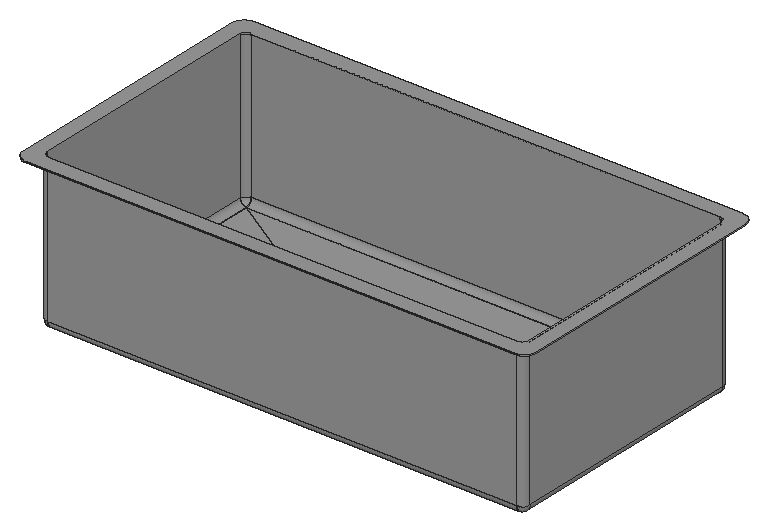
Revit family "BUILDMAT-SNGD007-Marissa-810-Brass-Gold", category Plumbing Fixtures, host Face, Revit 2020
Family settings
  Host = Face
  Round Connector Dimension = Use Diameter
  Part Type = Normal
  Cut with Voids When Loaded = No
  Shared = No
  Room Calculation Point = No
Parameters (values of type "Marissa 810x450x250mm")
  Width = 760.0 mm
  Undermount [instance] = 0.0 mm
  URL = "https://www.buildmat.com.au/products/810x450x230-single-bowl-sink"
  Side Sound Pad = yes
  Side Brackets = yes
  Model = "SNA01007"  # constant formula
  Middle Sound Pad = no
  Middle Bracket = yes
  Manufacturer URL = "https://www.buildmat.com.au/"
  Manufacturer = "BUILDMAT"  # constant formula
  Length = 400.0 mm
  Description = "BUILDMAT - Marissa 810x450 XLarge Single Bowl Sink"  # constant formula
  Depth = 250.0 mm
  Default Elevation = 1219.2 mm
  Created By URL = "https://www.buildmat.com.au/"
  Created By = "BUILDMAT"  # constant formula
  Created = "22.06.2022"  # constant formula
  Material = BUILDMAT Brass Gold
Reference planes
  plane 1 "Center (Front/Back)": y = 0
  plane 2: z = 0
  plane 3 "Center (Left/Right)": x = 0
  plane 4 "Top Substrate": z = 0
  plane 5 "Left": x = -380
  plane 6 "Right": x = 380
  plane 7 "Back": y = 200
  plane 8 "Front": y = -200
  plane 9: x = -405
  plane 10: x = 405
  plane 11: y = -225
  plane 12: y = 225
  plane 13 "Bottom Void": z = -250
  plane 14: z = 1.5
  plane 15: x = -381.5
  plane 16: y = -201.5
  plane 17: x = 381.5
  plane 18: y = 201.5
  plane 19: z = -240
  plane 20: z = -230
  plane 21: x = -370
  plane 22: x = 370
  plane 23: y = -190
  plane 24: y = 190
  plane 25: z = -245
  plane 26: z = -241.5
  plane 27: z = -246.5
  plane 28: x = -100
  plane 29: x = 100
  plane 30 "Sound Pad": z = -130
  plane 31 "Front Bracket": y = -100
  plane 32 "Back Bracket": y = 100
  plane 33: x = -280
  plane 34: x = 280
  plane 35: x = -57
  plane 36: x = 57
  plane 37: x = -45
  plane 38: x = 45
Forms (mm)
  Extrusion 1, void
    sketch origin (0, 0, 0) x (1, 0, 0) y (0, 1, 0)
      loop
        arc (-370, 200) -> (-377.071, 197.071) -> (-380, 190) r 10
        line (-380, 190) -> (-380, -190)
        arc (-380, -190) -> (-377.071, -197.071) -> (-370, -200) r 10
        line (-370, -200) -> (370, -200)
        arc (370, -200) -> (377.071, -197.071) -> (380, -190) r 10
        line (380, -190) -> (380, 190)
        arc (380, 190) -> (377.071, 197.071) -> (370, 200) r 10
        line (370, 200) -> (-370, 200)
    from 0 to 1.5
  Extrusion 2, void
    sketch origin (0, 0, 0) x (1, 0, 0) y (0, 1, 0)
      loop
        line (-381.5, 201.5) -> (-381.5, -201.5) -> (381.5, -201.5) -> (381.5, 201.5) -> (-381.5, 201.5)
    from 0 to -250
  Extrusion 3, void
    sketch origin (0, 0, 0) x (1, 0, 0) y (0, 1, 0)
      loop
        arc (-385, 225) -> (-399.142, 219.142) -> (-405, 205) r 20
        line (-405, 205) -> (-405, -205)
        arc (-405, -205) -> (-399.142, -219.142) -> (-385, -225) r 20
        line (-385, -225) -> (385, -225)
        arc (385, -225) -> (399.142, -219.142) -> (405, -205) r 20
        line (405, -205) -> (405, 205)
        arc (405, 205) -> (399.142, 219.142) -> (385, 225) r 20
        line (385, 225) -> (-385, 225)
    from 1.5 to 0
  Extrusion 4, solid, material "BUILDMAT Brass Gold" <- "Material"
    sketch origin (0, 0, 0) x (-1, 0, 0) y (0, -1, 0)
      loop
        arc (385, -225) -> (399.142, -219.142) -> (405, -205) r 20
        line (405, -205) -> (405, 205)
        arc (405, 205) -> (399.142, 219.142) -> (385, 225) r 20
        line (385, 225) -> (-385, 225)
        arc (-385, 225) -> (-399.142, 219.142) -> (-405, 205) r 20
        line (-405, 205) -> (-405, -205)
        arc (-405, -205) -> (-399.142, -219.142) -> (-385, -225) r 20
        line (-385, -225) -> (385, -225)
      loop
        arc (370, -200) -> (377.071, -197.071) -> (380, -190) r 10
        line (380, -190) -> (380, 190)
        arc (380, 190) -> (377.071, 197.071) -> (370, 200) r 10
        line (370, 200) -> (-370, 200)
        arc (-370, 200) -> (-377.071, 197.071) -> (-380, 190) r 10
        line (-380, 190) -> (-380, -190)
        arc (-380, -190) -> (-377.071, -197.071) -> (-370, -200) r 10
        line (-370, -200) -> (370, -200)
    from 0 to 1.5
  Extrusion 5, solid, material "BUILDMAT Brass Gold" <- "Material"
    sketch origin (0, 0, 0) x (-1, 0, 0) y (0, -1, 0)
      loop
        arc (370, -201.5) -> (378.132, -198.132) -> (381.5, -190) r 11.5
        line (381.5, -190) -> (381.5, 190)
        arc (381.5, 190) -> (378.132, 198.132) -> (370, 201.5) r 11.5
        line (370, 201.5) -> (-370, 201.5)
        arc (-370, 201.5) -> (-378.132, 198.132) -> (-381.5, 190) r 11.5
        line (-381.5, 190) -> (-381.5, -190)
        arc (-381.5, -190) -> (-378.132, -198.132) -> (-370, -201.5) r 11.5
        line (-370, -201.5) -> (370, -201.5)
      loop
        arc (-370, 200) -> (-377.071, 197.071) -> (-380, 190) r 10
        line (-380, 190) -> (-380, -190)
        arc (-380, -190) -> (-377.071, -197.071) -> (-370, -200) r 10
        line (-370, -200) -> (370, -200)
        arc (370, -200) -> (377.071, -197.071) -> (380, -190) r 10
        line (380, -190) -> (380, 190)
        arc (380, 190) -> (377.071, 197.071) -> (370, 200) r 10
        line (370, 200) -> (-370, 200)
    from 0 to -230
  Revolve 6, solid, material "BUILDMAT Brass Gold" <- "Material"
    sketch origin (-175.162, 190, 1219.2) x (-1, 0, 0) y (0, 0, 1)
      loop
        line (-555.162, -1449.2) -> (-556.662, -1449.2)
        arc (-556.662, -1449.2) -> (-553.293, -1457.332) -> (-545.162, -1460.7) r 11.5
        line (-545.162, -1460.7) -> (-545.162, -1459.2)
        arc (-545.162, -1459.2) -> (-552.233, -1456.271) -> (-555.162, -1449.2) r 10
      axis (-545.162, -1460.7) -> (-545.162, -1449.2)
    angle from 0 to -90
  Revolve 7, solid, material "BUILDMAT Brass Gold" <- "Material"
    sketch origin (-175.162, 190, 1219.2) x (-1, 0, 0) y (0, 0, 1)
      loop
        arc (204.838, -1449.2) -> (201.909, -1456.271) -> (194.838, -1459.2) r 10
        line (194.838, -1459.2) -> (194.838, -1460.7)
        arc (194.838, -1460.7) -> (202.97, -1457.332) -> (206.338, -1449.2) r 11.5
        line (206.338, -1449.2) -> (204.838, -1449.2)
      axis (194.838, -1449.2) -> (194.838, -1460.7)
    angle from 0 to -90
  Revolve 8, solid, material "BUILDMAT Brass Gold" <- "Material"
    sketch origin (-175.162, -190, 1219.2) x (-1, 0, 0) y (0, 0, 1)
      loop
        arc (204.838, -1449.2) -> (201.909, -1456.271) -> (194.838, -1459.2) r 10
        line (194.838, -1459.2) -> (194.838, -1460.7)
        arc (194.838, -1460.7) -> (202.97, -1457.332) -> (206.338, -1449.2) r 11.5
        line (206.338, -1449.2) -> (204.838, -1449.2)
      axis (194.838, -1449.2) -> (194.838, -1460.7)
    angle from 0 to 90
  Revolve 9, solid, material "BUILDMAT Brass Gold" <- "Material"
    sketch origin (-175.162, -190, 1219.2) x (-1, 0, 0) y (0, 0, 1)
      loop
        line (-555.162, -1449.2) -> (-556.662, -1449.2)
        arc (-556.662, -1449.2) -> (-553.293, -1457.332) -> (-545.162, -1460.7) r 11.5
        line (-545.162, -1460.7) -> (-545.162, -1459.2)
        arc (-545.162, -1459.2) -> (-552.233, -1456.271) -> (-555.162, -1449.2) r 10
      axis (-545.162, -1449.2) -> (-545.162, -1460.7)
    angle from 0 to 90
  Extrusion 10, solid, material "BUILDMAT Brass Gold" <- "Material"
    sketch origin (0, 0, 0) x (1, 0, 0) y (0, 0, 1)
      loop
        line (-380, -230) -> (-381.5, -230)
        arc (-381.5, -230) -> (-378.132, -238.132) -> (-370, -241.5) r 11.5
        line (-370, -241.5) -> (-370, -240)
        arc (-370, -240) -> (-377.071, -237.071) -> (-380, -230) r 10
    from -190 to 190
  Extrusion 11, solid, material "BUILDMAT Brass Gold" <- "Material"
    sketch origin (0, 0, 0) x (1, 0, 0) y (0, 0, 1)
      loop
        arc (380, -230) -> (377.071, -237.071) -> (370, -240) r 10
        line (370, -240) -> (370, -241.5)
        arc (370, -241.5) -> (378.132, -238.132) -> (381.5, -230) r 11.5
        line (381.5, -230) -> (380, -230)
    from -190 to 190
  Extrusion 12, solid, material "BUILDMAT Brass Gold" <- "Material"
    sketch origin (0, 0, 0) x (0, 1, 0) y (0, 0, 1)
      loop
        arc (200, -230) -> (197.071, -237.071) -> (190, -240) r 10
        line (190, -240) -> (190, -241.5)
        arc (190, -241.5) -> (198.132, -238.132) -> (201.5, -230) r 11.5
        line (201.5, -230) -> (200, -230)
    from -370 to 370
  Extrusion 13, solid, material "BUILDMAT Brass Gold" <- "Material"
    sketch origin (0, 0, 0) x (0, 1, 0) y (0, 0, 1)
      loop
        line (-200, -230) -> (-201.5, -230)
        arc (-201.5, -230) -> (-198.132, -238.132) -> (-190, -241.5) r 11.5
        line (-190, -241.5) -> (-190, -240)
        arc (-190, -240) -> (-197.071, -237.071) -> (-200, -230) r 10
    from -370 to 370
  Revolve 14, solid, material "BUILDMAT Brass Gold" <- "Material"
    sketch origin (0, 0, 0) x (1, 0, 0) y (0, 0, 1)
      loop
        line (-45, -250) -> (-45, -248.5)
        spline (-45, -248.5) -> (-46.484, -248.459) -> (-47.939, -248.339) -> (-49.337, -248.141) -> (-50.649, -247.871) -> (-51.848, -247.537) -> (-52.908, -247.151) -> (-53.805, -246.726) -> (-54.514, -246.283) -> (-55.023, -245.856) -> (-55.329, -245.483) -> (-55.468, -245.202) -> (-55.5, -245)
        line (-55.5, -245) -> (-57, -245)
        spline (-57, -245) -> (-56.897, -245.653) -> (-56.591, -246.294) -> (-56.087, -246.913) -> (-55.392, -247.5) -> (-54.52, -248.044) -> (-53.485, -248.536) -> (-52.305, -248.967) -> (-51, -249.33) -> (-49.592, -249.619) -> (-48.106, -249.83) -> (-46.566, -249.957) -> (-45, -250)
      axis (0, -245) -> (0, -250)
    angle from 0 to 360
  Blend 15, solid, material "BUILDMAT Brass Gold" <- "Material"
    base sketch origin (0, 0, 0) x (-1, 0, 0) y (0, -1, 0)
      loop
        circle (0, 0) r 57
    top sketch origin (0, 0, 0) x (-1, 0, 0) y (0, -1, 0)
      loop
        line (370, -190) -> (370, 190) -> (-370, 190) -> (-370, -190) -> (370, -190)
    from -246.5 to -241.5
  Blend 16, void
    base sketch origin (0, 0, 0) x (-1, 0, 0) y (0, -1, 0)
      loop
        circle (0, 0) r 57
    top sketch origin (0, 0, 0) x (-1, 0, 0) y (0, -1, 0)
      loop
        line (370, -190) -> (370, 190) -> (-370, 190) -> (-370, -190) -> (370, -190)
    from -245 to -240
  Extrusion 17, solid, material "BUILDMAT Brass Gold" <- "Material"
    sketch origin (0, 0, 0) x (-1, 0, 0) y (0, -1, 0)
      loop
        line (370, -190) -> (370, 190) -> (-370, 190) -> (-370, -190) -> (370, -190)
    from -241.5 to -240
  Extrusion 18, void
    sketch origin (0, 0, 0) x (-1, 0, 0) y (0, -1, 0)
      loop
        circle (0, 0) r 57
    from -250 to -230
Cuts and joins
  joined: Extrusion 4, Extrusion 5
  joined: Revolve 6, Revolve 9
  joined: Revolve 7, Revolve 8
  Blend 16, Extrusion 18 cuts Blend 15
  Blend 16, Extrusion 18 cuts Extrusion 17
  joined: Blend 15, Extrusion 17
Lines and regions (mm)
  Masking region 1
    outline origin (0, 0, 0) x (1, 0, 0) y (0, 0, 1)
      loop
        line (380, 0) -> (-380, 0) -> (-380, -230)
        arc (-380, -230) -> (-377.071, -237.071) -> (-370, -240) r 10
        line (-370, -240) -> (-57, -245) -> (57, -245) -> (370, -240)
        arc (370, -240) -> (377.071, -237.071) -> (380, -230) r 10
        line (380, -230) -> (380, 0)
  Masking region 2
    outline origin (0, 0, 0) x (1, 0, 0) y (0, 0, 1)
      loop
        line (-100, -245.813) -> (-100, -250) -> (-57, -250) -> (-57, -246.5) -> (-100, -245.813)
  Masking region 3
    outline origin (0, 0, 0) x (1, 0, 0) y (0, 0, 1)
      loop
        line (57, -246.5) -> (57, -250) -> (100, -250) -> (100, -245.813) -> (57, -246.5)
Text (mm)
  text "Refer to www.buildmat.com.au for the most current product literature. \nAllow a +/- 5mm tolerance for dimensions shown in the product literature. \nPlease note product details are subject to change due to ongoing product development." at (0.056, -1035.857, 0), in view "Ref. Level"
Dimensions and locks
  "Undermount": plane 2 to plane 4 "Top Substrate"
  equal spacing: plane 5 "Left", plane 3 "Center (Left/Right)", plane 6 "Right"
  "Width": plane 5 "Left" to plane 6 "Right"
  "Length": plane 7 "Back" to plane 8 "Front"
  equal spacing: plane 7 "Back", plane 1 "Center (Front/Back)", plane 8 "Front"
  locked: plane 12 to plane 7 "Back" at 25
  locked: plane 8 "Front" to plane 11 at 25
  locked: plane 9 to plane 5 "Left" at 25
  locked: plane 6 "Right" to plane 10 at 25
  "Depth": plane 4 "Top Substrate" to plane 13 "Bottom Void"
  locked: plane 14 to plane 4 "Top Substrate" at 1.5
  locked: plane 18 to plane 7 "Back" at 1.5
  locked: plane 8 "Front" to plane 16 at 1.5
  plane 15 to plane 5 "Left" = 1.5 mm
  plane 6 "Right" to plane 17 = 1.5 mm
  plane 20 to plane 19 to plane 13 "Bottom Void" = 10.0 mm, 10.0 mm
  locked: plane 5 "Left" to plane 21 at 10
  locked: plane 22 to plane 6 "Right" at 10
  locked: plane 7 "Back" to plane 24 at 10
  locked: plane 23 to plane 8 "Front" at 10
  locked: plane 19 to plane 26 at 1.5
  locked: plane 25 to plane 13 "Bottom Void" at 5
  locked: plane 25 to plane 27 at 1.5
  plane 29 to plane 3 "Center (Left/Right)" to plane 28 = 100.0 mm locked, 100.0 mm locked
  locked: plane 30 "Sound Pad" to plane 13 "Bottom Void" at 120
  locked: plane 7 "Back" to plane 32 "Back Bracket" at 100
  locked: plane 31 "Front Bracket" to plane 8 "Front" at 100
  locked: plane 33 to plane 5 "Left" at 100
  locked: plane 6 "Right" to plane 34 at 100
  equal spacing: plane 3 "Center (Left/Right)", nested 15, plane 33
  equal spacing: plane 34, nested 16, plane 3 "Center (Left/Right)"
  plane 37 to plane 3 "Center (Left/Right)" to plane 38 = 45.0 mm locked, 45.0 mm locked
  plane 35 to plane 3 "Center (Left/Right)" to plane 36 = 57.0 mm locked, 57.0 mm locked
  aligned and locked: plane 2 to host face
  aligned and locked: level to host face
  aligned and locked: plane 8 "Front" to Extrusion 1 sketch curve
  aligned and locked: Extrusion 1 sketch curve to plane 7 "Back"
  aligned and locked: plane 5 "Left" to Extrusion 1 sketch curve
  aligned and locked: Extrusion 1 sketch curve to plane 6 "Right"
  aligned and locked: plane 2 to Extrusion 1
  aligned and locked: plane 14 to Extrusion 1
  aligned and locked: Extrusion 2 sketch curve to plane 16
  aligned and locked: Extrusion 2 sketch curve to plane 18
  aligned and locked: plane 15 to Extrusion 2 sketch curve
  aligned and locked: plane 17 to Extrusion 2 sketch curve
  aligned and locked: Extrusion 2 to plane 13 "Bottom Void"
  aligned and locked: plane 4 "Top Substrate" to Extrusion 2
  aligned and locked: Extrusion 3 sketch curve to plane 11
  aligned and locked: plane 9 to Extrusion 3 sketch curve
  aligned and locked: Extrusion 3 sketch curve to plane 10
  aligned and locked: Extrusion 3 sketch curve to plane 12
  aligned and locked: Extrusion 3 to plane 4 "Top Substrate"
  aligned and locked: Extrusion 3 to plane 14
  aligned and locked: Extrusion 4 sketch curve to plane 11
  aligned and locked: Extrusion 4 sketch curve to plane 12
  aligned and locked: plane 9 to Extrusion 4 sketch curve
  aligned and locked: Extrusion 4 sketch curve to plane 10
  aligned and locked: plane 5 "Left" to Extrusion 4 sketch curve
  aligned and locked: Extrusion 4 sketch curve to plane 6 "Right"
  aligned and locked: Extrusion 4 sketch curve to plane 7 "Back"
  aligned and locked: plane 8 "Front" to Extrusion 4 sketch curve
  aligned and locked: Extrusion 5 sketch curve to plane 7 "Back"
  aligned and locked: plane 5 "Left" to Extrusion 5 sketch curve
  aligned and locked: Extrusion 5 sketch curve to plane 6 "Right"
  aligned and locked: plane 8 "Front" to Extrusion 5 sketch curve
  aligned and locked: plane 15 to Extrusion 5 sketch curve
  aligned and locked: Extrusion 5 sketch curve to plane 16
  aligned and locked: plane 17 to Extrusion 5 sketch curve
  aligned and locked: Extrusion 5 sketch curve to plane 18
  aligned and locked: Extrusion 5 to plane 20
  aligned and locked: plane 4 "Top Substrate" to Extrusion 5
  aligned and locked: Extrusion 11 to plane 23
  aligned and locked: plane 24 to Extrusion 11
  aligned and locked: plane 24 to Extrusion 10
  aligned and locked: Extrusion 10 to plane 23
  aligned and locked: Extrusion 13 to plane 21
  aligned and locked: plane 22 to Extrusion 13
  aligned and locked: plane 22 to Extrusion 12
  aligned and locked: Extrusion 12 to plane 21
  aligned and locked: plane 21 to Blend 15 sketch curve
  aligned and locked: Blend 15 sketch curve to plane 22
  aligned and locked: Blend 15 sketch curve to plane 23
  aligned and locked: Blend 15 sketch curve to plane 24
  aligned and locked: plane 27 to Blend 15
  aligned and locked: Blend 15 to plane 26
  aligned and locked: Blend 16 sketch curve to plane 24
  aligned and locked: plane 21 to Blend 16 sketch curve
  aligned and locked: Blend 16 sketch curve to plane 22
  aligned and locked: Blend 16 sketch curve to plane 23
  aligned and locked: Blend 16 to plane 25
  aligned and locked: Blend 16 to plane 19
  aligned and locked: Extrusion 17 sketch curve to plane 24
  aligned and locked: Extrusion 17 sketch curve to plane 23
  aligned and locked: plane 21 to Extrusion 17 sketch curve
  aligned and locked: Extrusion 17 sketch curve to plane 22
  aligned and locked: Extrusion 17 to plane 26
  aligned and locked: Extrusion 17 to plane 19
  aligned and locked: Extrusion 18 to plane 13 "Bottom Void"
  aligned and locked: plane 20 to Extrusion 18
  aligned and locked: cut or joined group of Blend 15, Blend 16, Extrusion 17, Extrusion 18 to Masking region 2 sketch curve
  aligned and locked: Masking region 3 sketch curve to cut or joined group of Blend 15, Blend 16, Extrusion 17, Extrusion 18
  aligned and locked: plane 3 "Center (Left/Right)" to nested 1
  aligned and locked: nested 1 to plane 4 "Top Substrate"
  aligned and locked: plane 3 "Center (Left/Right)" to nested 2
  aligned and locked: nested 2 to plane 30 "Sound Pad"
  aligned and locked: nested 3 to plane 18
  aligned and locked: plane 3 "Center (Left/Right)" to nested 3
  aligned and locked: plane 16 to nested 4
  aligned and locked: nested 4 to plane 3 "Center (Left/Right)"
  aligned and locked: plane 31 "Front Bracket" to nested 6
  aligned and locked: plane 15 to nested 6
  aligned and locked: plane 31 "Front Bracket" to nested 8
  aligned and locked: plane 17 to nested 8
  aligned and locked: plane 32 "Back Bracket" to nested 7
  aligned and locked: plane 17 to nested 7
  aligned and locked: plane 32 "Back Bracket" to nested 5
  aligned and locked: plane 15 to nested 5
  aligned and locked: nested 9 to plane 4 "Top Substrate"
  aligned and locked: nested 9 to plane 33
  aligned and locked: nested 10 to plane 4 "Top Substrate"
  aligned and locked: nested 10 to plane 34
  aligned and locked: nested 13 to plane 33
  aligned and locked: nested 14 to plane 34
  aligned and locked: plane 16 to nested 13
  aligned and locked: nested 14 to plane 16
  aligned and locked: plane 33 to nested 11
  aligned and locked: nested 11 to plane 18
  aligned and locked: plane 34 to nested 12
  aligned and locked: plane 18 to nested 12
  aligned and locked: nested 15 to plane 30 "Sound Pad"
  aligned and locked: nested 16 to plane 30 "Sound Pad"
  aligned and locked: nested 17 to plane 23
  aligned and locked: nested 17 to plane 24
  aligned and locked: plane 22 to nested 17
  aligned and locked: plane 21 to nested 17
  aligned and locked: plane 3 "Center (Left/Right)" to nested 18
  aligned and locked: plane 1 "Center (Front/Back)" to nested 18
  aligned and locked: plane 4 "Top Substrate" to Masking region 1
Automatic sketch dimensions
  host sketch curve to host sketch curve = 2438.4 mm  (x2)
  plane 5 "Left" to Extrusion 1 sketch curve = 10.0 mm  (x2)
  Extrusion 1 sketch curve to plane 6 "Right" = 10.0 mm  (x2)
  Extrusion 4 sketch curve to plane 10 = 20.0 mm  (x2)
  Extrusion 4 sketch curve to Extrusion 4 sketch curve = 10.0 mm  (x2)
  plane 5 "Left" to Extrusion 4 sketch curve = 10.0 mm
  plane 9 to Extrusion 4 sketch curve = 20.0 mm
  plane 8 "Front" to Extrusion 4 sketch curve = 10.0 mm
  plane 11 to Extrusion 4 sketch curve = 20.0 mm
  Extrusion 3 sketch curve to plane 5 "Left" = 5.0 mm
  plane 6 "Right" to Extrusion 3 sketch curve = 5.0 mm  (x2)
  plane 7 "Back" to Extrusion 3 sketch curve = 5.0 mm
  plane 5 "Left" to Extrusion 5 sketch curve = 10.0 mm
  Extrusion 5 sketch curve to plane 6 "Right" = 10.0 mm
  plane 8 "Front" to Extrusion 5 sketch curve = 10.0 mm
  Extrusion 5 sketch curve to plane 7 "Back" = 10.0 mm
  Extrusion 5 sketch curve to Extrusion 5 sketch curve = 0.0 mm  (x4)
  Revolve 6 sketch curve to Revolve 6 sketch curve = 0.0 mm  (x3)
  plane 17 to Revolve 6 sketch curve = 0.0 mm
  Revolve 6 sketch curve to plane 6 "Right" = 0.0 mm
  Revolve 6 sketch curve to plane 22 = 0.0 mm  (x2)
  Revolve 6 sketch curve to plane 19 = 0.0 mm
  Revolve 6 sketch curve to plane 20 = 0.0 mm
  Revolve 7 sketch curve to Revolve 7 sketch curve = 0.0 mm  (x3)
  Revolve 7 sketch curve to plane 20 = 0.0 mm  (x2)
  Revolve 7 sketch curve to plane 21 = 0.0 mm  (x2)
  Revolve 7 sketch curve to plane 5 "Left" = 0.0 mm
  Revolve 7 sketch curve to plane 15 = 0.0 mm
  Revolve 8 sketch curve to Revolve 8 sketch curve = 0.0 mm  (x3)
  Revolve 8 sketch curve to plane 20 = 0.0 mm  (x2)
  Revolve 8 sketch curve to plane 21 = 0.0 mm  (x2)
  Revolve 8 sketch curve to plane 5 "Left" = 0.0 mm
  Revolve 8 sketch curve to plane 15 = 0.0 mm
  Revolve 9 sketch curve to Revolve 9 sketch curve = 0.0 mm  (x3)
  plane 17 to Revolve 9 sketch curve = 0.0 mm
  Revolve 9 sketch curve to plane 6 "Right" = 0.0 mm
  Revolve 9 sketch curve to plane 22 = 0.0 mm  (x2)
  Revolve 9 sketch curve to plane 20 = 0.0 mm
  Revolve 9 sketch curve to plane 19 = 0.0 mm
  Extrusion 10 sketch curve to plane 15 = 0.0 mm
  Extrusion 10 sketch curve to plane 5 "Left" = 0.0 mm
  Extrusion 10 sketch curve to plane 19 = 0.0 mm
  Extrusion 10 sketch curve to plane 21 = 0.0 mm
  Extrusion 11 sketch curve to plane 20 = 0.0 mm
  Extrusion 11 sketch curve to plane 22 = 0.0 mm
  Extrusion 11 sketch curve to plane 6 "Right" = 0.0 mm
  plane 17 to Extrusion 11 sketch curve = 0.0 mm
  Extrusion 12 sketch curve to plane 20 = 0.0 mm
  Extrusion 12 sketch curve to plane 24 = 0.0 mm
  Extrusion 12 sketch curve to plane 7 "Back" = 0.0 mm
  Extrusion 12 sketch curve to plane 18 = 0.0 mm
  Extrusion 13 sketch curve to plane 16 = 0.0 mm
  Extrusion 13 sketch curve to plane 8 "Front" = 0.0 mm
  Extrusion 13 sketch curve to plane 23 = 0.0 mm
  Extrusion 13 sketch curve to plane 19 = 0.0 mm
  Revolve 14 sketch curve to plane 25 = 0.0 mm
  Revolve 14 sketch curve to plane 13 "Bottom Void" = 0.0 mm  (x2)
  Revolve 14 sketch curve to plane 3 "Center (Left/Right)" = 0.0 mm
  Revolve 14 sketch curve to plane 20 = 0.0 mm
  Revolve 14 sketch curve to plane 3 "Center (Left/Right)" = 45.0 mm
  Revolve 14 sketch curve to Revolve 14 sketch curve = 10.5 mm
  Revolve 14 sketch curve to Revolve 14 sketch curve = 1.5 mm  (x2)
  Revolve 14 sketch curve to Revolve 14 sketch curve = 0.0 mm
  plane 1 "Center (Front/Back)" to Blend 15 sketch curve = 0.0 mm
  Blend 15 sketch curve to plane 3 "Center (Left/Right)" = 0.0 mm
  plane 1 "Center (Front/Back)" to Blend 16 sketch curve = 0.0 mm
  Blend 16 sketch curve to plane 3 "Center (Left/Right)" = 0.0 mm
  plane 1 "Center (Front/Back)" to Extrusion 18 sketch curve = 0.0 mm
  Extrusion 18 sketch curve to plane 3 "Center (Left/Right)" = 0.0 mm
  Masking region 1 sketch curve to level = 0.0 mm
  Masking region 1 sketch curve to plane 20 = 0.0 mm
  Masking region 1 sketch curve to plane 21 = 0.0 mm
  Masking region 1 sketch curve to plane 25 = 0.0 mm
  Masking region 1 sketch curve to plane 3 "Center (Left/Right)" = 57.0 mm
  plane 3 "Center (Left/Right)" to Masking region 1 sketch curve = 57.0 mm
  Masking region 1 sketch curve to plane 19 = 0.0 mm
  Masking region 1 sketch curve to plane 22 = 0.0 mm
  Masking region 1 sketch curve to plane 6 "Right" = 0.0 mm
  Masking region 1 sketch curve to plane 5 "Left" = 0.0 mm
  Masking region 2 sketch curve to plane 28 = 0.0 mm
  Masking region 2 sketch curve to plane 13 "Bottom Void" = 0.0 mm
  Masking region 2 sketch curve to plane 27 = 0.0 mm
  Masking region 3 sketch curve to plane 27 = 0.0 mm
  Masking region 3 sketch curve to plane 13 "Bottom Void" = 0.0 mm
  Masking region 3 sketch curve to plane 29 = 0.0 mm
  radius of Blend 15 sketch curve = 57.0 mm
  radius of Blend 16 sketch curve = 57.0 mm
  radius of Extrusion 18 sketch curve = 57.0 mm
Nested families
  nested 1: "TMB_Front" at (0, 0, 0) x (1, 0, 0) z (0, -1, 0), visible <- "Middle Bracket", type "TMB_Front"
  nested 2: "SP_Front" at (0, 0, -130) x (1, 0, 0) z (0, -1, 0), visible <- "Middle Sound Pad", type "SP_Front"
  nested 3: "TMB_Plan" at (0, 201.5, 0), visible <- "Middle Bracket", type "TMB_Plan"
  nested 4: "TMB_Plan" at (0, -201.5, 0) x (-1, 0, 0) z (0, 0, 1), visible <- "Middle Bracket", type "TMB_Plan"
  nested 5: "TMB_Plan" at (-381.5, 100, 0) x (0, 1, 0) z (0, 0, 1), type "TMB_Plan"
  nested 6: "TMB_Plan" at (-381.5, -100, 0) x (0, 1, 0) z (0, 0, 1), type "TMB_Plan"
  nested 7: "TMB_Plan" at (381.5, 100, 0) x (0, -1, 0) z (0, 0, 1), type "TMB_Plan"
  nested 8: "TMB_Plan" at (381.5, -100, 0) x (0, -1, 0) z (0, 0, 1), type "TMB_Plan"
  nested 9: "TMB_Front" at (-280, 0, 0) x (1, 0, 0) z (0, -1, 0), visible <- "Side Brackets", type "TMB_Front"
  nested 10: "TMB_Front" at (280, 0, 0) x (1, 0, 0) z (0, -1, 0), visible <- "Side Brackets", type "TMB_Front"
  nested 11: "TMB_Plan" at (-280, 201.5, 0), visible <- "Side Brackets", type "TMB_Plan"
  nested 12: "TMB_Plan" at (280, 201.5, 0), visible <- "Side Brackets", type "TMB_Plan"
  nested 13: "TMB_Plan" at (-280, -201.5, 0) x (-1, 0, 0) z (0, 0, 1), visible <- "Side Brackets", type "TMB_Plan"
  nested 14: "TMB_Plan" at (280, -201.5, 0) x (-1, 0, 0) z (0, 0, 1), visible <- "Side Brackets", type "TMB_Plan"
  nested 15: "SP_Front" at (-140, 0, -130) x (1, 0, 0) z (0, -1, 0), visible <- "Side Sound Pad", type "SP_Front"
  nested 16: "SP_Front" at (140, 0, -130) x (1, 0, 0) z (0, -1, 0), visible <- "Side Sound Pad", type "SP_Front"
  nested 17: "BOWL Plan" at (0, 0, -130), type "BOWL Plan"
    with Width 740.0 mm, Lenght 380.0 mm
  nested 18: "DRAIN" at (0, 0, 0), type "DRAIN"
Definition of nested family "TMB_Front"
  Reference planes
    plane 1 "Center (Elevation)": y = 0
    plane 2: z = 0
    plane 3 "Center (Left/Right)": x = 0
  Lines and regions (mm)
    Masking region 1, in view "Ref. Level"
      outline origin (0, 0, 0) x (1, 0, 0) y (0, 1, 0)
        loop
          line (-17.5, 0) -> (-17.5, -80) -> (17.5, -80) -> (17.5, 0) -> (-17.5, 0)
    detail lines, in view "Ref. Level"
      curve 1: line (-17.5, 0, 0) -> (-17.5, -80, 0)
      curve 2: line (-17.5, -80, 0) -> (17.5, -80, 0)
      curve 3: line (17.5, -80, 0) -> (17.5, 0, 0)
      curve 4: line (-12.5, -50, 0) -> (12.5, -50, 0)
      curve 5: line (-12.5, -75, 0) -> (-12.5, -50, 0)
      curve 6: line (12.5, -75, 0) -> (-12.5, -75, 0)
      curve 7: line (12.5, -50, 0) -> (12.5, -75, 0)
Definition of nested family "SP_Front"
  Reference planes
    plane 1 "Center (Elevation)": y = 0
    plane 2: z = 0
    plane 3 "Center (Left/Right)": x = 0
  Lines and regions (mm)
    Masking region 1, in view "Ref. Level"
      outline origin (0, 0, 0) x (1, 0, 0) y (0, 1, 0)
        loop
          arc (-50, 40) -> (-57.071, 37.071) -> (-60, 30) r 10
          line (-60, 30) -> (-60, -30)
          arc (-60, -30) -> (-57.071, -37.071) -> (-50, -40) r 10
          line (-50, -40) -> (50, -40)
          arc (50, -40) -> (57.071, -37.071) -> (60, -30) r 10
          line (60, -30) -> (60, 30)
          arc (60, 30) -> (57.071, 37.071) -> (50, 40) r 10
          line (50, 40) -> (-50, 40)
    detail lines, in view "Ref. Level"
      curve 1: line (-50, 40, 0) -> (50, 40, 0)
      curve 2: line (50, -40, 0) -> (-50, -40, 0)
      curve 3: line (60, 30, 0) -> (60, -30, 0)
      curve 4: line (-60, 30, 0) -> (-60, -30, 0)
      curve 5: arc (-50, 40, 0) -> (-57.071, 37.071, 0) -> (-60, 30, 0) r 10
      curve 6: arc (-60, -30, 0) -> (-57.071, -37.071, 0) -> (-50, -40, 0) r 10
      curve 7: arc (50, -40, 0) -> (57.071, -37.071, 0) -> (60, -30, 0) r 10
      curve 8: arc (60, 30, 0) -> (57.071, 37.071, 0) -> (50, 40, 0) r 10
  Dimensions and locks
    aligned and locked: Masking region 1 sketch curve to curve 1
    aligned and locked: Masking region 1 sketch curve to curve 4
    aligned and locked: Masking region 1 sketch curve to curve 2
    aligned and locked: Masking region 1 sketch curve to curve 3
Definition of nested family "TMB_Plan"
  Reference planes
    plane 1 "Center (Front/Back)": y = 0
    plane 2: z = 0
    plane 3 "Center (Left/Right)": x = 0
  Lines and regions (mm)
    detail lines, in view "Ref. Level"
      curve 1: line (-17.5, 0, 0) -> (17.5, 0, 0)
      curve 2: line (17.5, 0, 0) -> (17.5, 5, 0)
      curve 3: line (17.5, 5, 0) -> (12.5, 5, 0)
      curve 4: line (-17.5, 0, 0) -> (-17.5, 5, 0)
      curve 5: line (-17.5, 5, 0) -> (-12.5, 5, 0)
Definition of nested family "BOWL Plan"
  Parameters (values of type "BOWL Plan")
    Width [instance] = 600.0 mm
    Lenght [instance] = 400.0 mm
  Reference planes
    plane 1 "Center (Front/Back)": y = 0
    plane 2: z = 0
    plane 3 "Center (Left/Right)": x = 0
    plane 4 "Left": x = -300
    plane 5 "Right": x = 300
    plane 6 "Back": y = 200
    plane 7 "Front": y = -200
  Lines and regions (mm)
    Masking region 1, in view "Ref. Level"
      outline origin (0, 0, 0) x (1, 0, 0) y (0, 1, 0)
        loop
          line (-300, 200) -> (-300, -200) -> (300, -200) -> (300, 200) -> (-300, 200)
    detail lines, in view "Ref. Level"
      curve 1: line (-300, 200, 0) -> (300, -200, 0)
      curve 2: line (-300, -200, 0) -> (300, 200, 0)
  Dimensions and locks
    equal spacing: plane 6 "Back", plane 1 "Center (Front/Back)", plane 7 "Front"
    "Lenght": plane 6 "Back" to plane 7 "Front"
    equal spacing: plane 4 "Left", plane 3 "Center (Left/Right)", plane 5 "Right"
    "Width": plane 4 "Left" to plane 5 "Right"
    aligned and locked: plane 4 "Left" to Masking region 1 sketch curve
    aligned and locked: Masking region 1 sketch curve to plane 5 "Right"
    aligned and locked: plane 7 "Front" to Masking region 1 sketch curve
    aligned and locked: Masking region 1 sketch curve to plane 6 "Back"
  Automatic sketch dimensions
    curve 2 to plane 4 "Left" = 0.0 mm
    curve 1 to plane 4 "Left" = 0.0 mm
    curve 2 to plane 5 "Right" = 0.0 mm
    curve 1 to plane 5 "Right" = 0.0 mm
    curve 1 to plane 7 "Front" = 0.0 mm
    curve 2 to plane 7 "Front" = 0.0 mm
    curve 2 to plane 6 "Back" = 0.0 mm
    curve 1 to plane 6 "Back" = 0.0 mm
Definition of nested family "DRAIN"
  Reference planes
    plane 1 "Center (Front/Back)": y = 0
    plane 2: z = 0
    plane 3 "Center (Left/Right)": x = 0
  Lines and regions (mm)
    Masking region 1, in view "Ref. Level"
      outline origin (0, 0, 0) x (1, 0, 0) y (0, 1, 0)
        loop
          circle (0, 0) r 57
    detail lines, in view "Ref. Level"
      curve 1: circle (0, 0, 0) r 45 normal (0, 0, 1)
      curve 2: circle (0, 0, 0) r 55.5 normal (0, 0, 1)
